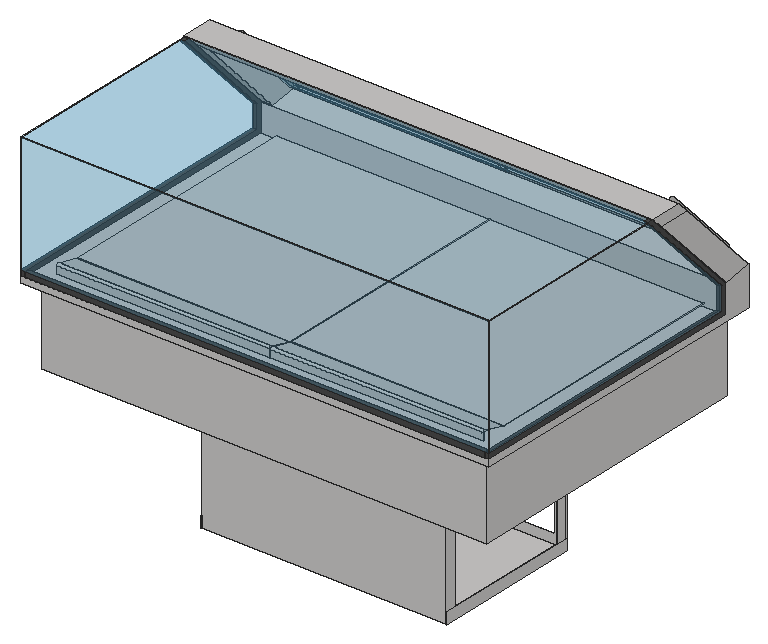
Revit family "QF_FESTIVE_ACDL12", category Specialty Equipment, Revit 2020
Family settings
  Round Connector Dimension = Use Diameter
  Part Type = Normal
  Work Plane-Based = No
  Always vertical = Yes
  Cut with Voids When Loaded = No
  Shared = No
  Room Calculation Point = No
Parameters (values of type "ACDL12")
  Weight in Pounds = 0
  Watts = if(Phase = 3, Volts * FL Amps * 1.73, Volts * FL Amps)  # 880 W
  Volts = 220 V
  URL Cutsheet = ""
  Specification by User = ""
  Specification by Manufacturer = ""
  Serial Number = ""
  Seismic Rating = ""
  SMACNA No = ""
  Revision Code = ""
  Phase = 1
  Number of Poles = 1
  NAFEM Spec ID Number = ""
  Model = "ACDL12"
  Min Ckt Ampacity = 0 A
  Max Overcurrent Protection = 0 A
  Masterspec = ""
  Manufacturer = "FESTIVE"
  Length = 1200 mm
  Item Number = ""
  Installed By = ""
  Identify Quantity as Lot = yes
  Height = 335 mm
  HP = ""
  Glass 2 = Length > 1769 mm  # no
  Glass 1 = Length < 1769 mm  # yes
  Furnished By = ""
  Foodservice Equipment Identifier = yes
  FL Amps = 4 A
  Electrical Remarks = ""
  Electric Connection Type = ""
  Elec Conn RI Height = 0 mm
  Elec Conn Connection Height = 0 mm
  Description = "AVON LO: CHILLED DROP-IN"
  Depth = 830 mm
  Default Elevation = 0 mm
  Cycle = 50 Hz
  Cradle 2 [instance] = Length > 901 mm  # yes
  Cradle 1 = Length < 901 mm  # no
  Conn Plug = ""
  Conn Conduit = yes
  Center Post = Length > 1769 mm  # no
  CSI MasterFormat = ""
  Apparent Power = if(Phase = 3, Volts * FL Amps * 1.73, Volts * FL Amps)  # 880 VA
Reference planes
  plane 1 "BACK": y = 0
  plane 2: z = 0
  plane 3 "LEFT": x = 0
  plane 4 "RIGHT": x = 1200
  plane 5 "FRONT": y = -830
  plane 6 "TOP": z = 335
  plane 7 "Center Y": x = 600
  plane 8 "Center X": y = -415
  plane 9: z = 100
  plane 10: x = 1189
  plane 11: z = -520
  plane 12: z = -560
Forms (mm)
  Extrusion 1, solid, material "QF_Metal - Stainless - Satin", visible <- "Cradle 2", not visible
    sketch origin (900, -213.4, -387.009) x (0, 0, 1) y (1, 0, 0)
      loop
        line (387.009, -137.4) -> (27.009, -137.4) -> (27.009, -762.6) -> (387.009, -762.6) -> (387.009, -137.4)
      loop
        line (55, -734.4) -> (365.009, -734.4) -> (365.009, -164.4) -> (55, -164.4) -> (55, -734.4)
    from 0 to -2
  Extrusion 2, solid, material "QF_Metal - Stainless - Satin", visible <- "Cradle 2", not visible
    sketch origin (141.4, 0, 0) x (0, 1, 0) y (0, 0, 1)
      loop
        line (-215.4, 0) -> (-240, 0) -> (-240, -360) -> (-215.4, -360) -> (-215.4, 0)
    from -4 to -1.6
  Extrusion 3, solid, material "QF_Metal - Stainless - Satin", visible <- "Cradle 2", not visible
    sketch origin (900, 0, 0) x (0, -1, 0) y (0, 0, 1)
      loop
        line (215.4, 0) -> (215.4, -360) -> (240, -360) -> (240, 0) -> (215.4, 0)
    from 139.796 to 137.4
  Extrusion 4, solid, material "QF_Metal - Stainless - Satin", visible <- "Cradle 2", not visible
    sketch origin (0, 0, 0) x (0, 1, 0) y (0, 0, 1)
      loop
        line (-52, 0) -> (-213.4, 0) -> (-213.4, -122) -> (-52, -122) -> (-52, 0)
    from 239 to 660
  Extrusion 5, solid, material "QF_Metal - Stainless - Satin", visible <- "Cradle 2", not visible
    sketch origin (0, -50.8, 53.113) x (0, 0, -1) y (-1, 0, 0)
      loop
        line (55.113, -660) -> (175.113, -660) -> (175.113, -239) -> (55.113, -239) -> (55.113, -660)
    from 0 to 2
  Extrusion 6, solid, material "QF_Plastic - Black - Smooth", visible <- "Cradle 2", not visible
    sketch origin (14, -48.8, 53.113) x (0, 0, -1) y (-1, 0, 0)
      loop
        line (147.213, -308.95) -> (147.213, -294.95) -> (115.213, -294.95) -> (115.213, -308.95) -> (147.213, -308.95)
      loop
        line (147.213, -278.75) -> (147.213, -264.75) -> (115.213, -264.75) -> (115.213, -278.75) -> (147.213, -278.75)
      loop
        line (145.213, -306.95) -> (145.213, -296.95) -> (117.213, -296.95) -> (117.213, -306.95) -> (145.213, -306.95)
      loop
        line (145.213, -276.75) -> (145.213, -266.75) -> (117.213, -266.75) -> (117.213, -276.75) -> (145.213, -276.75)
      loop
        arc (112.863, -404.2) -> (131.113, -408.012) -> (149.363, -404.2) r 45.59
        line (149.363, -404.2) -> (149.363, -330.2)
        arc (149.363, -330.2) -> (131.113, -326.725) -> (112.863, -330.2) r 49.66
        line (112.863, -330.2) -> (112.863, -404.2)
    from 0 to 3
  Extrusion 7, solid, material "QF_Plastic - Red - Smooth", visible <- "Cradle 2", not visible
    sketch origin (290.75, -48.8, -92.1) x (0, 0, 1) y (0, 1, 0)
      loop
        line (0, 7.232) -> (0, 0) -> (28, 0) -> (28, 4.784)
        arc (28, 4.784) -> (13.954, 5.478) -> (0, 7.232) r 185.903
    from 0 to 10
  Extrusion 8, solid, material "QF_Plastic - Red - Smooth", visible <- "Cradle 2", not visible
    sketch origin (290.75, -48.8, -92.1) x (0, 0, 1) y (0, 1, 0)
      loop
        line (0, 7.232) -> (0, 0) -> (28, 0) -> (28, 4.784)
        arc (28, 4.784) -> (13.954, 5.478) -> (0, 7.232) r 185.903
    from -30.2 to -20.2
  Extrusion 9, solid, material "QF_Metal - Stainless - Satin", visible <- "Cradle 2", not visible
    sketch origin (0, -1.8, 0) x (0, 1, 0) y (0, 0, 1)
      loop
        line (-570, 0) -> (-596.6, 0) -> (-596.6, -360) -> (-570, -360) -> (-570, 0)
    from 137.4 to 762.6
  Extrusion 10, void, not visible
    sketch origin (137.4, 0, 0) x (0, 1, 0) y (0, 0, 1)
      loop
        circle (-289.925, -281.443) r 8.149
    from 0 to 3.2
  Extrusion 11, solid, material "QF_Metal - Stainless - Satin"
    sketch origin (0, 0, -200) x (0, 1, 0) y (0, 0, 1)
      loop
        line (0, 200) -> (0, 300) -> (-75.2, 287.871) -> (-75.2, 217) -> (-830, 217) -> (-830, 200) -> (0, 200)
    from 0 to 1200
  Extrusion 12, solid, material "QF_Plastic - Black - Smooth"
    sketch origin (0, 0, -200) x (0, 1, 0) y (0, 0, 1)
      loop
        line (-830, 217) -> (-818, 217) -> (-818, 229) -> (-830, 229) -> (-830, 217)
    from 11 to 1189
  Extrusion 13, solid, material "QF_Metal - Stainless - Satin"
    sketch origin (900, 0, -200) x (0, 1, 0) y (0, 0, -1)
      loop
        line (-715.062, -224.6) -> (-75.2, -224.6) -> (-75.2, -223.6) -> (-715.33, -223.6) -> (-715.062, -224.6)
      loop
        line (-780, -217) -> (-780, -235.604)
        arc (-780, -235.604) -> (-778.032, -239.534) -> (-773.706, -240.312) r 4.908
        line (-773.706, -240.312) -> (-773.965, -239.347)
        arc (-773.965, -239.347) -> (-777.439, -238.63) -> (-779, -235.445) r 4.03
        line (-779, -235.445) -> (-779, -217) -> (-780, -217)
    from -246 to 298
  Extrusion 14, solid, material "Glass"
    sketch origin (0, 0, -200) x (0, -1, 0) y (0, 0, 1)
      loop
        line (828, 533) -> (303.463, 533) -> (301.574, 531) -> (826, 531) -> (826, 217) -> (828, 217) -> (828, 533)
    from 0 to -1200
  Extrusion 15, solid, material "QF_Metal - Stainless - Satin"
    sketch origin (449, -425, -200) x (1, 0, 0) y (0, 1, 0)
      loop
        line (-419, -375) -> (721, -375) -> (721, 395) -> (-419, 395) -> (-419, -375)
    from 0 to -200
  Extrusion 16, solid, material "QF_Metal - Stainless - Satin"
    sketch origin (0, 65.025, -271.149) x (0, 0.985557, 0.169345) y (0, -0.169345, 0.985557)
      loop
        line (-76.81, 381.021) -> (-77.401, 377.581) -> (-1.233, 376.8) -> (-159.726, 615.174) -> (-241.884, 629.29) -> (-76.81, 381.021)
    from 0 to 40
  Extrusion 17, solid, material "QF_Metal - Stainless - Satin"
    sketch origin (40, 65.025, -271.149) x (0, 0.985557, 0.169345) y (0, -0.169345, 0.985557)
      loop
        line (-159.726, 615.174) -> (-180.222, 645.999) -> (-262.379, 660.116) -> (-241.884, 629.29) -> (-159.726, 615.174)
    from -40 to 1160
  Extrusion 18, solid, material "QF_Metal - Stainless - Satin"
    sketch origin (0, 0, -188) x (0, 1, 0) y (0, 0, 1)
      loop
        line (-780, 205) -> (-779, 205) -> (-779, 223.445)
        arc (-779, 223.445) -> (-777.439, 226.63) -> (-773.965, 227.347) r 4.03
        line (-773.965, 227.347) -> (-773.706, 228.312)
        arc (-773.706, 228.312) -> (-778.032, 227.534) -> (-780, 223.604) r 4.908
        line (-780, 223.604) -> (-780, 205)
      loop
        line (-715.062, 212.6) -> (-715.33, 211.6) -> (-75.2, 211.6) -> (-75.2, 212.6) -> (-715.062, 212.6)
    from 54 to 598
  Extrusion 19, solid, material "QF_Metal - Stainless - Satin"
    sketch origin (0, -79.381, -365.812) x (1, 0, 0) y (0, 0.965932, -0.258796)
      loop
        line (598, -715.062) -> (54, -715.062) -> (54, -773.706) -> (598, -773.706) -> (598, -715.062)
      loop
        line (602, -715.062) -> (602, -773.706) -> (1146, -773.706) -> (1146, -715.062) -> (602, -715.062)
    from 211.6 to 212.6
  Extrusion 20, solid, material "QF_Metal - Stainless - Satin"
    sketch origin (40, -216.994, 329.71) x (0, -0.6867, 0.726941) y (1, 0, 0)
      loop
        line (-300.996, 0) -> (-300.996, 1120) -> (-315.996, 1120) -> (-315.996, 0) -> (-300.996, 0)
    from 0 to -5
  Extrusion 21, solid, material "QF_Plastic - Black - Smooth"
    sketch origin (0, 0, -200) x (0, 1, 0) y (0, 0, 1)
      loop
        line (-86, 287.066) -> (-86, 229) -> (-830, 229) -> (-830, 217) -> (-75.2, 217) -> (-75.2, 291.361) -> (-303.463, 533) -> (-318.32, 533) -> (-86, 287.066)
    from 0 to 11
  Extrusion 22, solid, material "QF_Metal - Stainless - Satin"
    sketch origin (0, 65.025, -271.149) x (0, 0.985557, 0.169345) y (0, -0.169345, 0.985557)
      loop
        line (-76.81, 381.021) -> (-77.401, 377.581) -> (-1.233, 376.8) -> (-159.726, 615.174) -> (-241.884, 629.29) -> (-76.81, 381.021)
    from 0 to 40
  Extrusion 23, solid, material "QF_Plastic - Black - Smooth"
    sketch origin (1200, 0, 0) x (0, -1, 0) y (0, 0, 1)
      loop
        line (86, 87.066) -> (320.209, 335) -> (305.352, 335) -> (75.2, 91.361) -> (75.2, 17) -> (830, 17) -> (830, 29) -> (86, 29) -> (86, 87.066)
    from 0 to 11
  Extrusion 24, solid, material "QF_Metal - Stainless - Satin"
    sketch origin (1200, 0, 0) x (0, -1, 0) y (0, 0, 1)
      loop
        line (75.2, 91.361) -> (279.932, 308.09) -> (196.571, 308.09) -> (0, 100) -> (75.2, 87.871) -> (75.2, 91.361)
    from 0 to 40
  Extrusion 25, solid, material "QF_Metal - Stainless - Satin", visible <- "Cradle 2"
    sketch origin (1049.4, -222.5, -587.009) x (0, 0, 1) y (1, 0, 0)
      loop
        line (387.009, -137.4) -> (27.009, -137.4) -> (27.009, -762.6) -> (387.009, -762.6) -> (387.009, -137.4)
      loop
        line (55, -734.4) -> (365.009, -734.4) -> (365.009, -164.4) -> (55, -164.4) -> (55, -734.4)
    from 0 to -2
  Extrusion 26, solid, material "QF_Metal - Stainless - Satin", visible <- "Cradle 2"
    sketch origin (290.8, -9.1, -200) x (0, 1, 0) y (0, 0, 1)
      loop
        line (-215.4, 0) -> (-240, 0) -> (-240, -360) -> (-215.4, -360) -> (-215.4, 0)
    from -4 to -1.6
  Extrusion 27, solid, material "QF_Metal - Stainless - Satin", visible <- "Cradle 2"
    sketch origin (1049.4, -9.1, -200) x (0, -1, 0) y (0, 0, 1)
      loop
        line (215.4, 0) -> (215.4, -360) -> (240, -360) -> (240, 0) -> (215.4, 0)
    from 139.796 to 137.4
  Extrusion 28, solid, material "QF_Metal - Stainless - Satin", visible <- "Cradle 2"
    sketch origin (149.4, -9.1, -200) x (0, 1, 0) y (0, 0, 1)
      loop
        line (-52, 0) -> (-213.4, 0) -> (-213.4, -122) -> (-52, -122) -> (-52, 0)
    from 239 to 660
  Extrusion 29, solid, material "QF_Metal - Stainless - Satin", visible <- "Cradle 2"
    sketch origin (149.4, -59.9, -146.887) x (0, 0, -1) y (-1, 0, 0)
      loop
        line (55.113, -660) -> (175.113, -660) -> (175.113, -239) -> (55.113, -239) -> (55.113, -660)
    from 0 to 2
  Extrusion 30, solid, material "QF_Plastic - Black - Smooth", visible <- "Cradle 2"
    sketch origin (163.4, -57.9, -146.887) x (0, 0, -1) y (-1, 0, 0)
      loop
        line (147.213, -308.95) -> (147.213, -294.95) -> (115.213, -294.95) -> (115.213, -308.95) -> (147.213, -308.95)
      loop
        line (147.213, -278.75) -> (147.213, -264.75) -> (115.213, -264.75) -> (115.213, -278.75) -> (147.213, -278.75)
      loop
        line (145.213, -306.95) -> (145.213, -296.95) -> (117.213, -296.95) -> (117.213, -306.95) -> (145.213, -306.95)
      loop
        line (145.213, -276.75) -> (145.213, -266.75) -> (117.213, -266.75) -> (117.213, -276.75) -> (145.213, -276.75)
      loop
        arc (112.863, -404.2) -> (131.113, -408.012) -> (149.363, -404.2) r 45.59
        line (149.363, -404.2) -> (149.363, -330.2)
        arc (149.363, -330.2) -> (131.113, -326.725) -> (112.863, -330.2) r 49.66
        line (112.863, -330.2) -> (112.863, -404.2)
    from 0 to 3
  Extrusion 31, solid, material "QF_Plastic - Red - Smooth", visible <- "Cradle 2"
    sketch origin (440.15, -57.9, -292.1) x (0, 0, 1) y (0, 1, 0)
      loop
        line (0, 7.232) -> (0, 0) -> (28, 0) -> (28, 4.784)
        arc (28, 4.784) -> (13.954, 5.478) -> (0, 7.232) r 185.903
    from 0 to 10
  Extrusion 32, solid, material "QF_Plastic - Red - Smooth", visible <- "Cradle 2"
    sketch origin (440.15, -57.9, -292.1) x (0, 0, 1) y (0, 1, 0)
      loop
        line (0, 7.232) -> (0, 0) -> (28, 0) -> (28, 4.784)
        arc (28, 4.784) -> (13.954, 5.478) -> (0, 7.232) r 185.903
    from -30.2 to -20.2
  Extrusion 33, solid, material "QF_Metal - Stainless - Satin", visible <- "Cradle 2"
    sketch origin (149.4, -10.9, -200) x (0, 1, 0) y (0, 0, 1)
      loop
        line (-570, 0) -> (-596.6, 0) -> (-596.6, -360) -> (-570, -360) -> (-570, 0)
    from 137.4 to 762.6
  Extrusion 34, void
    sketch origin (286.8, -9.1, -200) x (0, 1, 0) y (0, 0, 1)
      loop
        circle (-289.925, -281.443) r 8.149
    from 0 to 3.2
  Extrusion 35, solid, material "QF_Metal - Stainless - Satin"
    sketch origin (325, -200.206, 304.657) x (0, -0.6867, 0.726941) y (1, 0, 0)
      loop
        line (0, -285) -> (0, -265) -> (-271.255, -265) -> (-271.255, -285) -> (0, -285)
    from 0 to 3.2
  Extrusion 36, solid, material "QF_Metal - Stainless - Satin"
    sketch origin (60, -13.935, 107.471) x (0, -0.6867, 0.726941) y (0, -0.726941, -0.6867)
      loop
        line (271.255, -3.2) -> (0, -3.2) -> (0, -8.2)
        arc (0, -8.2) -> (2.929, -15.271) -> (10, -18.2) r 10
        line (10, -18.2) -> (261.255, -18.2)
        arc (261.255, -18.2) -> (268.326, -15.271) -> (271.255, -8.2) r 10
        line (271.255, -8.2) -> (271.255, -3.2)
    from -9 to -11
  Extrusion 37, solid, material "QF_Metal - Stainless - Satin"
    sketch origin (875, -196.571, 308.09) x (0, -0.6867, 0.726941) y (1, 0, 0)
      loop
        line (0, 285) -> (-271.255, 285) -> (-271.255, 265) -> (0, 265) -> (0, 285)
    from 0 to 3.2
  Extrusion 38, solid, material "QF_Metal - Stainless - Satin"
    sketch origin (1140, -10.301, 110.904) x (0, -0.6867, 0.726941) y (0, 0.726941, 0.6867)
      loop
        line (271.255, 3.2) -> (271.255, 8.2)
        arc (271.255, 8.2) -> (268.326, 15.271) -> (261.255, 18.2) r 10
        line (261.255, 18.2) -> (10, 18.2)
        arc (10, 18.2) -> (2.929, 15.271) -> (0, 8.2) r 10
        line (0, 8.2) -> (0, 3.2) -> (271.255, 3.2)
    from -9 to -11
  Extrusion 39, solid, material "QF_Metal - Stainless - Satin", visible <- "Center Post"
    sketch origin (600, 175.397, 1219.2) x (0, 1, 0) y (0, 0, 1)
      loop
        line (-371.969, -911.11) -> (-470.186, -911.11) -> (-260.629, -1132.947) -> (-175.397, -1119.2) -> (-371.969, -911.11)
    from -20 to 20
  Extrusion 40, solid, material "QF_Metal - Stainless - Satin", visible <- "Cradle 2"
    sketch origin (149.4, -607.571, -560) x (1, 0, 0) y (0, -1, 0)
      loop
        line (762.6, -28.471) -> (137.4, -28.471) -> (137.4, -383.071) -> (762.6, -383.071) -> (762.6, -28.471)
    from 0 to -5
  Extrusion 41, solid, material "QF_Metal - Stainless - Satin", visible <- "Cradle 2"
    sketch origin (1049.4, -9.1, -160) x (0, -1, 0) y (0, 0, 1)
      loop
        line (213.4, -372.009) -> (213.4, -400) -> (598.4, -400) -> (598.4, -372.009) -> (213.4, -372.009)
    from 137.4 to 135
  Extrusion 42, solid, material "QF_Metal - Stainless - Satin", visible <- "Cradle 2"
    sketch origin (149.4, -9.1, -160) x (0, 1, 0) y (0, 0, 1)
      loop
        line (-213.4, -372.009) -> (-598.4, -372.009) -> (-598.4, -400) -> (-213.4, -400) -> (-213.4, -372.009)
    from 135 to 137.4
  Extrusion 43, solid, material "QF_Metal - Stainless - Satin", visible <- "Cradle 2", not visible
    sketch origin (0, -598.471, -360) x (1, 0, 0) y (0, -1, 0)
      loop
        line (762.6, -28.471) -> (137.4, -28.471) -> (137.4, -383.071) -> (762.6, -383.071) -> (762.6, -28.471)
    from 0 to -5
  Extrusion 44, solid, material "QF_Metal - Stainless - Satin", visible <- "Cradle 2", not visible
    sketch origin (900, 0, 40) x (0, -1, 0) y (0, 0, 1)
      loop
        line (213.4, -372.009) -> (213.4, -400) -> (598.4, -400) -> (598.4, -372.009) -> (213.4, -372.009)
    from 137.4 to 135
  Extrusion 45, solid, material "QF_Metal - Stainless - Satin", visible <- "Cradle 2", not visible
    sketch origin (0, 0, 40) x (0, 1, 0) y (0, 0, 1)
      loop
        line (-213.4, -372.009) -> (-598.4, -372.009) -> (-598.4, -400) -> (-213.4, -400) -> (-213.4, -372.009)
    from 135 to 137.4
  Extrusion 46, solid, material "QF_Metal - Stainless - Satin", visible <- "Cradle 1", not visible
    sketch origin (2199.4, -222.5, -587.009) x (0, 0, 1) y (1, 0, 0)
      loop
        line (387.009, -137.4) -> (67.009, -137.4) -> (67.009, -762.6) -> (387.009, -762.6) -> (387.009, -137.4)
      loop
        line (365.009, -734.4) -> (365.009, -164.4) -> (95, -164.4) -> (95, -734.4) -> (365.009, -734.4)
    from 0 to -2
  Extrusion 47, solid, material "QF_Metal - Stainless - Satin", visible <- "Cradle 1", not visible
    sketch origin (1440.8, -9.1, -200) x (0, 1, 0) y (0, 0, 1)
      loop
        line (-215.4, 0) -> (-240, 0) -> (-240, -320) -> (-215.4, -320) -> (-215.4, 0)
    from -4 to -1.6
  Extrusion 48, solid, material "QF_Metal - Stainless - Satin", visible <- "Cradle 1", not visible
    sketch origin (2199.4, -9.1, -200) x (0, -1, 0) y (0, 0, 1)
      loop
        line (215.4, 0) -> (215.4, -320) -> (240, -320) -> (240, 0) -> (215.4, 0)
    from 139.796 to 137.4
  Extrusion 49, solid, material "QF_Metal - Stainless - Satin", visible <- "Cradle 1", not visible
    sketch origin (1299.4, -9.1, -200) x (0, 1, 0) y (0, 0, 1)
      loop
        line (-52, 0) -> (-213.4, 0) -> (-213.4, -122) -> (-52, -122) -> (-52, 0)
    from 239 to 660
  Extrusion 50, solid, material "QF_Metal - Stainless - Satin", visible <- "Cradle 1", not visible
    sketch origin (1299.4, -59.9, -146.887) x (0, 0, -1) y (-1, 0, 0)
      loop
        line (55.113, -660) -> (175.113, -660) -> (175.113, -239) -> (55.113, -239) -> (55.113, -660)
    from 0 to 2
  Extrusion 51, solid, material "QF_Plastic - Black - Smooth", visible <- "Cradle 1", not visible
    sketch origin (1313.4, -57.9, -146.887) x (0, 0, -1) y (-1, 0, 0)
      loop
        line (147.213, -308.95) -> (147.213, -294.95) -> (115.213, -294.95) -> (115.213, -308.95) -> (147.213, -308.95)
      loop
        line (147.213, -278.75) -> (147.213, -264.75) -> (115.213, -264.75) -> (115.213, -278.75) -> (147.213, -278.75)
      loop
        line (145.213, -306.95) -> (145.213, -296.95) -> (117.213, -296.95) -> (117.213, -306.95) -> (145.213, -306.95)
      loop
        line (145.213, -276.75) -> (145.213, -266.75) -> (117.213, -266.75) -> (117.213, -276.75) -> (145.213, -276.75)
      loop
        arc (112.863, -404.2) -> (131.113, -408.012) -> (149.363, -404.2) r 45.59
        line (149.363, -404.2) -> (149.363, -330.2)
        arc (149.363, -330.2) -> (131.113, -326.725) -> (112.863, -330.2) r 49.66
        line (112.863, -330.2) -> (112.863, -404.2)
    from 0 to 3
  Extrusion 52, solid, material "QF_Plastic - Red - Smooth", visible <- "Cradle 1", not visible
    sketch origin (1590.15, -57.9, -292.1) x (0, 0, 1) y (0, 1, 0)
      loop
        line (0, 7.232) -> (0, 0) -> (28, 0) -> (28, 4.784)
        arc (28, 4.784) -> (13.954, 5.478) -> (0, 7.232) r 185.903
    from 0 to 10
  Extrusion 53, solid, material "QF_Plastic - Red - Smooth", visible <- "Cradle 1", not visible
    sketch origin (1590.15, -57.9, -292.1) x (0, 0, 1) y (0, 1, 0)
      loop
        line (0, 7.232) -> (0, 0) -> (28, 0) -> (28, 4.784)
        arc (28, 4.784) -> (13.954, 5.478) -> (0, 7.232) r 185.903
    from -30.2 to -20.2
  Extrusion 54, solid, material "QF_Metal - Stainless - Satin", visible <- "Cradle 1", not visible
    sketch origin (1299.4, -10.9, -200) x (0, 1, 0) y (0, 0, 1)
      loop
        line (-570, 0) -> (-596.6, 0) -> (-596.6, -320) -> (-570, -320) -> (-570, 0)
    from 137.4 to 762.6
  Extrusion 55, solid, material "QF_Metal - Stainless - Satin", visible <- "Cradle 1", not visible
    sketch origin (1299.4, -607.571, -520) x (1, 0, 0) y (0, -1, 0)
      loop
        line (762.6, -28.471) -> (137.4, -28.471) -> (137.4, -383.071) -> (762.6, -383.071) -> (762.6, -28.471)
    from 0 to -5
  Extrusion 56, solid, material "QF_Metal - Stainless - Satin", visible <- "Cradle 1", not visible
    sketch origin (2199.4, -9.1, -120) x (0, -1, 0) y (0, 0, 1)
      loop
        line (213.4, -372.009) -> (213.4, -400) -> (598.4, -400) -> (598.4, -372.009) -> (213.4, -372.009)
    from 137.4 to 135
  Extrusion 57, solid, material "QF_Metal - Stainless - Satin", visible <- "Cradle 1", not visible
    sketch origin (1299.4, -9.1, -120) x (0, 1, 0) y (0, 0, 1)
      loop
        line (-213.4, -372.009) -> (-598.4, -372.009) -> (-598.4, -400) -> (-213.4, -400) -> (-213.4, -372.009)
    from 135 to 137.4
  Extrusion 58, solid, material "QF_Metal - Stainless - Satin", visible <- "Cradle 1"
    sketch origin (1049.4, -222.5, -587.009) x (0, 0, 1) y (1, 0, 0)
      loop
        line (387.009, -137.4) -> (67.009, -137.4) -> (67.009, -762.6) -> (387.009, -762.6) -> (387.009, -137.4)
      loop
        line (365.009, -734.4) -> (365.009, -164.4) -> (95, -164.4) -> (95, -734.4) -> (365.009, -734.4)
    from 0 to -2
  Extrusion 59, solid, material "QF_Metal - Stainless - Satin", visible <- "Cradle 1"
    sketch origin (290.8, -9.1, -200) x (0, 1, 0) y (0, 0, 1)
      loop
        line (-215.4, 0) -> (-240, 0) -> (-240, -320) -> (-215.4, -320) -> (-215.4, 0)
    from -4 to -1.6
  Extrusion 60, solid, material "QF_Metal - Stainless - Satin", visible <- "Cradle 1"
    sketch origin (1049.4, -9.1, -200) x (0, -1, 0) y (0, 0, 1)
      loop
        line (215.4, 0) -> (215.4, -320) -> (240, -320) -> (240, 0) -> (215.4, 0)
    from 139.796 to 137.4
  Extrusion 61, solid, material "QF_Metal - Stainless - Satin", visible <- "Cradle 1"
    sketch origin (149.4, -9.1, -200) x (0, 1, 0) y (0, 0, 1)
      loop
        line (-52, 0) -> (-213.4, 0) -> (-213.4, -122) -> (-52, -122) -> (-52, 0)
    from 239 to 660
  Extrusion 62, solid, material "QF_Metal - Stainless - Satin", visible <- "Cradle 1"
    sketch origin (149.4, -59.9, -146.887) x (0, 0, -1) y (-1, 0, 0)
      loop
        line (55.113, -660) -> (175.113, -660) -> (175.113, -239) -> (55.113, -239) -> (55.113, -660)
    from 0 to 2
  Extrusion 63, solid, material "QF_Plastic - Black - Smooth", visible <- "Cradle 1"
    sketch origin (163.4, -57.9, -146.887) x (0, 0, -1) y (-1, 0, 0)
      loop
        line (147.213, -308.95) -> (147.213, -294.95) -> (115.213, -294.95) -> (115.213, -308.95) -> (147.213, -308.95)
      loop
        line (147.213, -278.75) -> (147.213, -264.75) -> (115.213, -264.75) -> (115.213, -278.75) -> (147.213, -278.75)
      loop
        line (145.213, -306.95) -> (145.213, -296.95) -> (117.213, -296.95) -> (117.213, -306.95) -> (145.213, -306.95)
      loop
        line (145.213, -276.75) -> (145.213, -266.75) -> (117.213, -266.75) -> (117.213, -276.75) -> (145.213, -276.75)
      loop
        arc (112.863, -404.2) -> (131.113, -408.012) -> (149.363, -404.2) r 45.59
        line (149.363, -404.2) -> (149.363, -330.2)
        arc (149.363, -330.2) -> (131.113, -326.725) -> (112.863, -330.2) r 49.66
        line (112.863, -330.2) -> (112.863, -404.2)
    from 0 to 3
  Extrusion 64, solid, material "QF_Plastic - Red - Smooth", visible <- "Cradle 1"
    sketch origin (440.15, -57.9, -292.1) x (0, 0, 1) y (0, 1, 0)
      loop
        line (0, 7.232) -> (0, 0) -> (28, 0) -> (28, 4.784)
        arc (28, 4.784) -> (13.954, 5.478) -> (0, 7.232) r 185.903
    from 0 to 10
  Extrusion 65, solid, material "QF_Plastic - Red - Smooth", visible <- "Cradle 1"
    sketch origin (440.15, -57.9, -292.1) x (0, 0, 1) y (0, 1, 0)
      loop
        line (0, 7.232) -> (0, 0) -> (28, 0) -> (28, 4.784)
        arc (28, 4.784) -> (13.954, 5.478) -> (0, 7.232) r 185.903
    from -30.2 to -20.2
  Extrusion 66, solid, material "QF_Metal - Stainless - Satin", visible <- "Cradle 1"
    sketch origin (149.4, -10.9, -200) x (0, 1, 0) y (0, 0, 1)
      loop
        line (-570, 0) -> (-596.6, 0) -> (-596.6, -320) -> (-570, -320) -> (-570, 0)
    from 137.4 to 762.6
  Extrusion 67, solid, material "QF_Metal - Stainless - Satin", visible <- "Cradle 1"
    sketch origin (149.4, -607.571, -520) x (1, 0, 0) y (0, -1, 0)
      loop
        line (762.6, -28.471) -> (137.4, -28.471) -> (137.4, -383.071) -> (762.6, -383.071) -> (762.6, -28.471)
    from 0 to -5
  Extrusion 68, solid, material "QF_Metal - Stainless - Satin", visible <- "Cradle 1"
    sketch origin (1049.4, -9.1, -120) x (0, -1, 0) y (0, 0, 1)
      loop
        line (213.4, -372.009) -> (213.4, -400) -> (598.4, -400) -> (598.4, -372.009) -> (213.4, -372.009)
    from 137.4 to 135
  Extrusion 69, solid, material "QF_Metal - Stainless - Satin", visible <- "Cradle 1"
    sketch origin (149.4, -9.1, -120) x (0, 1, 0) y (0, 0, 1)
      loop
        line (-213.4, -372.009) -> (-598.4, -372.009) -> (-598.4, -400) -> (-213.4, -400) -> (-213.4, -372.009)
    from 135 to 137.4
  Extrusion 70, solid, material "Glass"
    sketch origin (1200, 0, 0) x (0, -1, 0) y (0, 0, 1)
      loop
        line (318.32, 333) -> (86, 87.066) -> (86, 29) -> (828, 29) -> (828, 333) -> (318.32, 333)
    from 0 to 3
  Extrusion 71, solid, material "Glass"
    sketch origin (0, 0, -200) x (0, 1, 0) y (0, 0, 1)
      loop
        line (-318.32, 533) -> (-828, 533) -> (-828, 217) -> (-86, 217) -> (-86, 287.066) -> (-318.32, 533)
    from 0 to 3
  Extrusion 72, solid, material "Glass", visible <- "Glass 1"
    sketch origin (325, -196.571, 308.09) x (0, -0.6867, 0.726941) y (1, 0, 0)
      loop
        line (0, 275) -> (-271.255, 275) -> (-271.255, -285) -> (0, -285) -> (0, 275)
    from -5 to -10
  Extrusion 73, solid, material "Glass", visible <- "Glass 1"
    sketch origin (875, -196.571, 308.09) x (0, -0.6867, 0.726941) y (1, 0, 0)
      loop
        line (0, -275) -> (0, 285) -> (-271.255, 285) -> (-271.255, -275) -> (0, -275)
    from 0 to -5
  Extrusion 74, solid, material "Glass", visible <- "Glass 2"
    sketch origin (40, 65.025, -271.149) x (0, 0.985557, 0.169345) y (0, -0.169345, 0.985557)
      loop
        line (-13.702, 386.523) -> (-163.89, 612.405) -> (-168.054, 609.637) -> (-17.866, 383.755) -> (-13.702, 386.523)
    from 0 to 540
  Extrusion 75, solid, material "Glass", visible <- "Glass 2"
    sketch origin (1160, 0, 0) x (0, -1, 0) y (0, 0, 1)
      loop
        line (196.571, 308.09) -> (10.301, 110.904) -> (13.935, 107.471) -> (200.206, 304.657) -> (196.571, 308.09)
    from 0 to 540
Lines and regions (mm)
  Split face 1, not visible
    outline origin (14, -45.8, 53.113) x (0, 0, -1) y (-1, 0, 0)
      loop
        line (116.213, -355.957) -> (116.213, -395.454)
        arc (116.213, -395.454) -> (131.213, -398.842) -> (146.213, -395.454) r 34.9
        line (146.213, -395.454) -> (146.213, -355.957) -> (116.213, -355.957)
  Split face 2
    outline origin (163.4, -54.9, -146.887) x (0, 0, -1) y (-1, 0, 0)
      loop
        line (116.213, -355.957) -> (116.213, -395.454)
        arc (116.213, -395.454) -> (131.213, -398.842) -> (146.213, -395.454) r 34.9
        line (146.213, -395.454) -> (146.213, -355.957) -> (116.213, -355.957)
  Split face 3, not visible
    outline origin (1313.4, -54.9, -146.887) x (0, 0, -1) y (-1, 0, 0)
      loop
        line (116.213, -355.957) -> (116.213, -395.454)
        arc (116.213, -395.454) -> (131.213, -398.842) -> (146.213, -395.454) r 34.9
        line (146.213, -395.454) -> (146.213, -355.957) -> (116.213, -355.957)
  Split face 4
    outline origin (163.4, -54.9, -146.887) x (0, 0, -1) y (-1, 0, 0)
      loop
        line (116.213, -355.957) -> (116.213, -395.454)
        arc (116.213, -395.454) -> (131.213, -398.842) -> (146.213, -395.454) r 34.9
        line (146.213, -395.454) -> (146.213, -355.957) -> (116.213, -355.957)
  symbolic lines
    curve 1: line (54, -780, 0) -> (54, -305.352, 0)
    curve 2: line (54, -780, 0) -> (1146, -780, 0)
    curve 3: line (1146, -780, 0) -> (1146, -305.352, 0)
    curve 4: line (54, -715.33, 0) -> (598, -715.33, 0)
    curve 5: line (598, -780, 0) -> (598, -305.352, 0)
    curve 6: line (602, -780, 0) -> (602, -305.352, 0)
    curve 7: line (0, -305.352, 0) -> (1200, -305.352, 0)
    curve 8: line (0, -221.991, 0) -> (1200, -221.991, 0)
    curve 9: line (1200, -196.571, 0) -> (0, -196.571, 0)
    curve 10: line (0, 0, 0) -> (1200, 0, 0)
    curve 11: line (0, -830, 0) -> (0, 0, 0)
    curve 12: line (1200, -830, 0) -> (0, -830, 0)
    curve 13: line (1200, 0, 0) -> (1200, -830, 0)
    curve 14: line (1189, -305.352, 0) -> (1189, -830, 0)
    curve 15: line (11, -305.352, 0) -> (11, -830, 0)
    curve 16: line (40, -196.571, 0) -> (40, 0, 0)
    curve 17: line (1160, -196.571, 0) -> (1160, 0, 0)
    curve 18: line (40, -10.301, 0) -> (1160, -10.301, 0)
    curve 19: line (1146, -715.33, 0) -> (602, -715.33, 0)
    curve 20: line (60, -196.571, 0) -> (60, -10.301, 0)
    curve 21: line (590, -13.935, 0) -> (60, -13.935, 0)
    curve 22: line (590, -10.301, 0) -> (590, -196.571, 0)
    curve 23: line (1140, -10.301, 0) -> (1140, -196.571, 0)
Dimensions and locks
  equal spacing: plane 3 "LEFT", plane 7 "Center Y", plane 4 "RIGHT"
  "Length": plane 3 "LEFT" to plane 4 "RIGHT"
  equal spacing: plane 5 "FRONT", plane 8 "Center X", plane 1 "BACK"
  "Depth": plane 5 "FRONT" to plane 1 "BACK"
  "Height": plane 6 "TOP" to level
  plane 1 "BACK" to plane 5 "FRONT" = 830 mm
  plane 6 "TOP" to plane 9 to level to Extrusion 15 = 235 mm, 100 mm, 200 mm
  plane 1 "BACK" to Extrusion 15 = 30 mm
  Extrusion 15 to plane 5 "FRONT" = 30 mm
  Extrusion 25 to Extrusion 33 = 385 mm
  locked: plane 10 to plane 4 "RIGHT" at 11
  locked: Extrusion 29 to plane 7 "Center Y" at 209.4
  Extrusion 19 sketch curve to plane 7 "Center Y" to Extrusion 19 sketch curve = 2 mm locked, 2 mm locked
  Extrusion 13 to plane 7 "Center Y" to Extrusion 18 = 2 mm locked, 2 mm locked
  locked: Extrusion 13 to plane 4 "RIGHT" at 54
  Extrusion 15 to plane 11 = 320 mm
  Extrusion 15 to plane 12 = 360 mm
  Extrusion 66 to plane 7 "Center Y" to Extrusion 66 = 312 mm locked, 313.2 mm locked
  locked: plane 4 "RIGHT" to Extrusion 14
  plane 7 "Center Y" to Extrusion 73 = 0 mm
  plane 7 "Center Y" to Extrusion 72 = 0 mm
  Extrusion 37 sketch curve to Extrusion 37 sketch curve to plane 4 "RIGHT" = 20 mm locked, 40 mm locked
  aligned and locked: level to plane 2
  aligned and locked: Extrusion 11 to plane 4 "RIGHT"
  aligned and locked: Extrusion 17 to plane 4 "RIGHT"
  aligned and locked: plane 10 to Extrusion 12
  aligned and locked: curve 3 to Extrusion 19
  aligned and locked: Extrusion 14 to plane 4 "RIGHT"
  aligned and locked: plane 7 "Center Y" to Extrusion 72
  aligned and locked: Extrusion 73 to plane 7 "Center Y"
  aligned and locked: Extrusion 74 to Extrusion 39
  aligned and locked: Extrusion 75 to Extrusion 39
Automatic sketch dimensions
  Extrusion 2 sketch curve to Extrusion 2 sketch curve = 24.6 mm
  Extrusion 3 sketch curve to Extrusion 3 sketch curve = 24.6 mm
  Extrusion 4 sketch curve to Extrusion 4 sketch curve = 122 mm
  Extrusion 7 sketch curve to Extrusion 6 = 0 mm  (x3)
  Extrusion 6 to Extrusion 7 sketch curve = 2.15 mm
  Extrusion 7 sketch curve to Extrusion 6 = 1.784 mm
  Extrusion 7 sketch curve to Extrusion 6 = 4.232 mm
  Extrusion 8 sketch curve to Extrusion 6 = 0 mm  (x3)
  Extrusion 6 to Extrusion 8 sketch curve = 2.15 mm
  Extrusion 8 sketch curve to Extrusion 6 = 1.784 mm
  Extrusion 8 sketch curve to Extrusion 6 = 4.232 mm
  Extrusion 9 sketch curve to Extrusion 9 sketch curve = 26.6 mm
  Extrusion 5 sketch curve to Extrusion 5 sketch curve = 120 mm
  Extrusion 6 sketch curve to Extrusion 5 = 57.75 mm
  Extrusion 6 sketch curve to Extrusion 6 sketch curve = 2.35 mm
  Extrusion 6 sketch curve to Extrusion 6 sketch curve = 0 mm  (x3)
  Extrusion 6 sketch curve to Extrusion 6 sketch curve = 2 mm  (x8)
  Extrusion 6 sketch curve to Extrusion 6 sketch curve = 18.25 mm
  Extrusion 6 sketch curve to Extrusion 6 sketch curve = 28 mm
  Extrusion 6 sketch curve to Extrusion 6 sketch curve = 2.15 mm
  Extrusion 6 sketch curve to Extrusion 5 = 179.2 mm
  Extrusion 6 sketch curve to Extrusion 6 sketch curve = 27.816 mm
  Extrusion 6 sketch curve to Extrusion 6 sketch curve = 13.963 mm
  Extrusion 6 sketch curve to Extrusion 6 sketch curve = 32.222 mm
  Extrusion 6 sketch curve to Extrusion 6 sketch curve = 21.25 mm
  Extrusion 6 sketch curve to Extrusion 6 sketch curve = 10 mm  (x2)
  Extrusion 6 sketch curve to Extrusion 6 sketch curve = 16.2 mm
  Split face 1 sketch curve to Extrusion 6 = 1 mm  (x2)
  Extrusion 6 to Split face 1 sketch curve = 86.504 mm
  Split face 1 sketch curve to Split face 1 sketch curve = 31.512 mm
  Split face 1 sketch curve to Split face 1 sketch curve = 7.985 mm
  Split face 1 sketch curve to Split face 1 sketch curve = 15 mm
  Extrusion 10 sketch curve to Extrusion 2 = 49.925 mm
  Extrusion 2 to Extrusion 10 sketch curve = 78.557 mm
  Extrusion 2 sketch curve to Extrusion 2 sketch curve = 360 mm
  Extrusion 3 sketch curve to Extrusion 3 sketch curve = 360 mm
  Extrusion 4 sketch curve to Extrusion 4 sketch curve = 161.4 mm
  Extrusion 5 sketch curve to Extrusion 5 sketch curve = 421 mm
  Extrusion 9 sketch curve to Extrusion 9 sketch curve = 360 mm
  Extrusion 26 sketch curve to Extrusion 26 sketch curve = 24.6 mm
  Extrusion 27 sketch curve to Extrusion 27 sketch curve = 24.6 mm
  Extrusion 28 sketch curve to Extrusion 28 sketch curve = 122 mm
  Extrusion 31 sketch curve to Extrusion 30 = 0 mm  (x3)
  Extrusion 30 to Extrusion 31 sketch curve = 2.15 mm
  Extrusion 31 sketch curve to Extrusion 30 = 1.784 mm
  Extrusion 31 sketch curve to Extrusion 30 = 4.232 mm
  Extrusion 32 sketch curve to Extrusion 30 = 0 mm  (x3)
  Extrusion 30 to Extrusion 32 sketch curve = 2.15 mm
  Extrusion 32 sketch curve to Extrusion 30 = 1.784 mm
  Extrusion 32 sketch curve to Extrusion 30 = 4.232 mm
  Extrusion 33 sketch curve to Extrusion 33 sketch curve = 26.6 mm
  Extrusion 29 sketch curve to Extrusion 29 sketch curve = 120 mm
  Extrusion 30 sketch curve to Extrusion 29 = 57.75 mm
  Extrusion 30 sketch curve to Extrusion 30 sketch curve = 2.35 mm
  Extrusion 30 sketch curve to Extrusion 30 sketch curve = 0 mm  (x3)
  Extrusion 30 sketch curve to Extrusion 30 sketch curve = 2 mm  (x8)
  Extrusion 30 sketch curve to Extrusion 30 sketch curve = 18.25 mm
  Extrusion 30 sketch curve to Extrusion 30 sketch curve = 28 mm
  Extrusion 30 sketch curve to Extrusion 30 sketch curve = 2.15 mm
  Extrusion 30 sketch curve to Extrusion 29 = 179.2 mm
  Extrusion 30 sketch curve to Extrusion 30 sketch curve = 27.816 mm
  Extrusion 30 sketch curve to Extrusion 30 sketch curve = 13.963 mm
  Extrusion 30 sketch curve to Extrusion 30 sketch curve = 32.222 mm
  Extrusion 30 sketch curve to Extrusion 30 sketch curve = 21.25 mm
  Extrusion 30 sketch curve to Extrusion 30 sketch curve = 10 mm  (x2)
  Extrusion 30 sketch curve to Extrusion 30 sketch curve = 16.2 mm
  Split face 2 sketch curve to Extrusion 30 = 1 mm  (x2)
  Extrusion 30 to Split face 2 sketch curve = 86.504 mm
  Split face 2 sketch curve to Split face 2 sketch curve = 31.512 mm
  Split face 2 sketch curve to Split face 2 sketch curve = 7.985 mm
  Split face 2 sketch curve to Split face 2 sketch curve = 15 mm
  Extrusion 34 sketch curve to Extrusion 26 = 49.925 mm
  Extrusion 26 to Extrusion 34 sketch curve = 78.557 mm
  Extrusion 26 sketch curve to Extrusion 26 sketch curve = 360 mm
  Extrusion 27 sketch curve to Extrusion 27 sketch curve = 360 mm
  Extrusion 28 sketch curve to Extrusion 28 sketch curve = 161.4 mm
  Extrusion 29 sketch curve to Extrusion 29 sketch curve = 421 mm
  Extrusion 33 sketch curve to Extrusion 33 sketch curve = 360 mm
  Extrusion 40 sketch curve to Extrusion 40 sketch curve = 625.2 mm
  Extrusion 40 sketch curve to Extrusion 40 sketch curve = 354.6 mm
  Extrusion 25 sketch curve to Extrusion 25 sketch curve = 27.991 mm
  Extrusion 25 sketch curve to Extrusion 25 sketch curve = 310.009 mm
  Extrusion 25 sketch curve to Extrusion 25 sketch curve = 22 mm
  Extrusion 25 sketch curve to Extrusion 25 sketch curve = 28.2 mm
  Extrusion 25 sketch curve to Extrusion 25 sketch curve = 570 mm
  Extrusion 25 sketch curve to Extrusion 25 sketch curve = 27 mm
  Extrusion 41 sketch curve to Extrusion 41 sketch curve = 385 mm
  Extrusion 41 sketch curve to Extrusion 41 sketch curve = 27.991 mm
  Extrusion 42 sketch curve to Extrusion 42 sketch curve = 385 mm
  Extrusion 42 sketch curve to Extrusion 42 sketch curve = 27.991 mm
  Extrusion 1 sketch curve to Extrusion 1 sketch curve = 27.991 mm
  Extrusion 1 sketch curve to Extrusion 1 sketch curve = 310.009 mm
  Extrusion 1 sketch curve to Extrusion 1 sketch curve = 22 mm
  Extrusion 1 sketch curve to Extrusion 1 sketch curve = 28.2 mm
  Extrusion 1 sketch curve to Extrusion 1 sketch curve = 570 mm
  Extrusion 1 sketch curve to Extrusion 1 sketch curve = 27 mm
  Extrusion 47 sketch curve to Extrusion 47 sketch curve = 24.6 mm
  Extrusion 48 sketch curve to Extrusion 48 sketch curve = 24.6 mm
  Extrusion 49 sketch curve to Extrusion 49 sketch curve = 122 mm
  Extrusion 54 sketch curve to Extrusion 54 sketch curve = 26.6 mm
  Extrusion 46 sketch curve to Extrusion 46 sketch curve = 22 mm
  Extrusion 46 sketch curve to Extrusion 46 sketch curve = 28.2 mm
  Extrusion 46 sketch curve to Extrusion 46 sketch curve = 570 mm
  Extrusion 46 sketch curve to Extrusion 46 sketch curve = 27 mm
  Extrusion 50 sketch curve to Extrusion 50 sketch curve = 120 mm
  Extrusion 50 sketch curve to Extrusion 50 sketch curve = 421 mm
  Extrusion 51 sketch curve to Extrusion 50 = 57.75 mm
  Extrusion 51 sketch curve to Extrusion 51 sketch curve = 2.35 mm
  Extrusion 51 sketch curve to Extrusion 51 sketch curve = 0 mm  (x3)
  Extrusion 51 sketch curve to Extrusion 51 sketch curve = 2 mm  (x8)
  Extrusion 51 sketch curve to Extrusion 51 sketch curve = 18.25 mm
  Extrusion 51 sketch curve to Extrusion 51 sketch curve = 28 mm
  Extrusion 51 sketch curve to Extrusion 51 sketch curve = 2.15 mm
  Extrusion 51 sketch curve to Extrusion 50 = 179.2 mm
  Extrusion 51 sketch curve to Extrusion 51 sketch curve = 27.816 mm
  Extrusion 51 sketch curve to Extrusion 51 sketch curve = 13.963 mm
  Extrusion 51 sketch curve to Extrusion 51 sketch curve = 32.222 mm
  Extrusion 51 sketch curve to Extrusion 51 sketch curve = 21.25 mm
  Extrusion 51 sketch curve to Extrusion 51 sketch curve = 10 mm  (x2)
  Extrusion 51 sketch curve to Extrusion 51 sketch curve = 16.2 mm
  Extrusion 52 sketch curve to Extrusion 51 = 0 mm  (x3)
  Extrusion 51 to Extrusion 52 sketch curve = 2.15 mm
  Extrusion 52 sketch curve to Extrusion 51 = 1.784 mm
  Extrusion 52 sketch curve to Extrusion 51 = 4.232 mm
  Extrusion 53 sketch curve to Extrusion 51 = 0 mm  (x3)
  Extrusion 51 to Extrusion 53 sketch curve = 2.15 mm
  Extrusion 53 sketch curve to Extrusion 51 = 1.784 mm
  Extrusion 53 sketch curve to Extrusion 51 = 4.232 mm
  Split face 3 sketch curve to Extrusion 51 = 1 mm  (x2)
  Extrusion 51 to Split face 3 sketch curve = 14 mm
  Extrusion 51 to Split face 3 sketch curve = 86.504 mm
  Split face 3 sketch curve to Split face 3 sketch curve = 31.512 mm
  Split face 3 sketch curve to Split face 3 sketch curve = 7.985 mm
  Extrusion 55 sketch curve to Extrusion 55 sketch curve = 625.2 mm
  Extrusion 46 sketch curve to Extrusion 46 sketch curve = 27.991 mm
  Extrusion 46 sketch curve to Extrusion 46 sketch curve = 270.009 mm
  Extrusion 47 sketch curve to Extrusion 47 sketch curve = 320 mm
  Extrusion 48 sketch curve to Extrusion 48 sketch curve = 320 mm
  Extrusion 49 sketch curve to Extrusion 49 sketch curve = 161.4 mm
  Extrusion 54 sketch curve to Extrusion 54 sketch curve = 320 mm
  Extrusion 55 sketch curve to Extrusion 55 sketch curve = 354.6 mm
  Extrusion 56 sketch curve to Extrusion 56 sketch curve = 385 mm
  Extrusion 56 sketch curve to Extrusion 56 sketch curve = 27.991 mm
  Extrusion 57 sketch curve to Extrusion 57 sketch curve = 385 mm
  Extrusion 57 sketch curve to Extrusion 57 sketch curve = 27.991 mm
  Extrusion 59 sketch curve to Extrusion 59 sketch curve = 24.6 mm
  Extrusion 60 sketch curve to Extrusion 60 sketch curve = 24.6 mm
  Extrusion 61 sketch curve to Extrusion 61 sketch curve = 122 mm
  Extrusion 66 sketch curve to Extrusion 66 sketch curve = 26.6 mm
  Extrusion 58 sketch curve to Extrusion 58 sketch curve = 22 mm
  Extrusion 58 sketch curve to Extrusion 58 sketch curve = 28.2 mm
  Extrusion 58 sketch curve to Extrusion 58 sketch curve = 570 mm
  Extrusion 58 sketch curve to Extrusion 58 sketch curve = 27 mm
  Extrusion 62 sketch curve to Extrusion 62 sketch curve = 120 mm
  Extrusion 62 sketch curve to Extrusion 62 sketch curve = 421 mm
  Extrusion 63 sketch curve to Extrusion 62 = 57.75 mm
  Extrusion 63 sketch curve to Extrusion 63 sketch curve = 2.35 mm
  Extrusion 63 sketch curve to Extrusion 63 sketch curve = 0 mm  (x3)
  Extrusion 63 sketch curve to Extrusion 63 sketch curve = 2 mm  (x8)
  Extrusion 63 sketch curve to Extrusion 63 sketch curve = 18.25 mm
  Extrusion 63 sketch curve to Extrusion 63 sketch curve = 28 mm
  Extrusion 63 sketch curve to Extrusion 63 sketch curve = 2.15 mm
  Extrusion 63 sketch curve to Extrusion 62 = 179.2 mm
  Extrusion 63 sketch curve to Extrusion 63 sketch curve = 27.816 mm
  Extrusion 63 sketch curve to Extrusion 63 sketch curve = 13.963 mm
  Extrusion 63 sketch curve to Extrusion 63 sketch curve = 32.222 mm
  Extrusion 63 sketch curve to Extrusion 63 sketch curve = 21.25 mm
  Extrusion 63 sketch curve to Extrusion 63 sketch curve = 10 mm  (x2)
  Extrusion 63 sketch curve to Extrusion 63 sketch curve = 16.2 mm
  Extrusion 64 sketch curve to Extrusion 63 = 0 mm  (x3)
  Extrusion 63 to Extrusion 64 sketch curve = 2.15 mm
  Extrusion 64 sketch curve to Extrusion 63 = 1.784 mm
  Extrusion 64 sketch curve to Extrusion 63 = 4.232 mm
  Extrusion 65 sketch curve to Extrusion 63 = 0 mm  (x3)
  Extrusion 63 to Extrusion 65 sketch curve = 2.15 mm
  Extrusion 65 sketch curve to Extrusion 63 = 1.784 mm
  Extrusion 65 sketch curve to Extrusion 63 = 4.232 mm
  Split face 4 sketch curve to Extrusion 63 = 1 mm  (x2)
  Extrusion 63 to Split face 4 sketch curve = 14 mm
  Extrusion 63 to Split face 4 sketch curve = 86.504 mm
  Split face 4 sketch curve to Split face 4 sketch curve = 31.512 mm
  Split face 4 sketch curve to Split face 4 sketch curve = 7.985 mm
  Extrusion 67 sketch curve to Extrusion 67 sketch curve = 625.2 mm
  Extrusion 58 sketch curve to Extrusion 58 sketch curve = 27.991 mm
  Extrusion 58 sketch curve to Extrusion 58 sketch curve = 270.009 mm
  Extrusion 59 sketch curve to Extrusion 59 sketch curve = 320 mm
  Extrusion 60 sketch curve to Extrusion 60 sketch curve = 320 mm
  Extrusion 61 sketch curve to Extrusion 61 sketch curve = 161.4 mm
  Extrusion 66 sketch curve to Extrusion 66 sketch curve = 320 mm
  Extrusion 67 sketch curve to Extrusion 67 sketch curve = 354.6 mm
  Extrusion 68 sketch curve to Extrusion 68 sketch curve = 385 mm
  Extrusion 68 sketch curve to Extrusion 68 sketch curve = 27.991 mm
  Extrusion 69 sketch curve to Extrusion 69 sketch curve = 385 mm
  Extrusion 69 sketch curve to Extrusion 69 sketch curve = 27.991 mm
  curve 12 to plane 3 "LEFT" = 0 mm
  plane 5 "FRONT" to curve 15 = 0 mm
  plane 1 "BACK" to curve 16 = 0 mm
  curve 14 to plane 10 = 0 mm
  curve 13 to plane 4 "RIGHT" = 0 mm
  plane 3 "LEFT" to curve 2 = 54 mm
  curve 1 to plane 5 "FRONT" = 50 mm
  curve 11 to curve 15 = 11 mm
  curve 9 to curve 16 = 40 mm
  curve 18 to curve 21 = 20 mm
  curve 21 to plane 7 "Center Y" = 10 mm
  curve 4 to plane 7 "Center Y" = 2 mm
  plane 7 "Center Y" to curve 6 = 2 mm
  curve 23 to plane 10 = 49 mm
  curve 23 to curve 18 = 20 mm
  curve 5 to curve 4 = 64.67 mm
  curve 4 to curve 19 = 0 mm
  plane 8 "Center X" to curve 7 = 109.648 mm
  curve 7 to curve 8 = 83.361 mm
  curve 5 to curve 22 = 108.781 mm
  plane 1 "BACK" to curve 21 = 13.935 mm
  curve 21 to curve 22 = 3.635 mm
  Extrusion 11 sketch curve to level = 0 mm
  Extrusion 11 sketch curve to plane 5 "FRONT" = 0 mm
  Extrusion 11 sketch curve to plane 1 "BACK" = 0 mm
  Extrusion 11 sketch curve to plane 9 = 0 mm
  level to Extrusion 11 sketch curve = 17 mm
  plane 1 "BACK" to Extrusion 11 sketch curve = 75.2 mm
  Extrusion 11 sketch curve to plane 9 = 12.129 mm
  Extrusion 12 sketch curve to plane 5 "FRONT" = 0 mm
  Extrusion 12 sketch curve to Extrusion 12 sketch curve = 12 mm  (x2)
  level to Extrusion 12 sketch curve = 17 mm
  level to Extrusion 13 sketch curve = 17 mm
  Extrusion 13 sketch curve to plane 5 "FRONT" = 50 mm
  Extrusion 13 sketch curve to Extrusion 13 sketch curve = 1 mm
  Extrusion 13 sketch curve to Extrusion 13 sketch curve = 3.908 mm
  Extrusion 13 sketch curve to Extrusion 13 sketch curve = 0.122 mm
  Extrusion 13 sketch curve to Extrusion 13 sketch curve = 1.128 mm
  Extrusion 13 sketch curve to Extrusion 13 sketch curve = 0.258 mm
  level to Extrusion 13 sketch curve = 23.6 mm
  Extrusion 13 sketch curve to Extrusion 13 sketch curve = 58.635 mm
  level to Extrusion 13 sketch curve = 24.6 mm
  Extrusion 13 sketch curve to Extrusion 13 sketch curve = 0.268 mm
  plane 1 "BACK" to Extrusion 13 sketch curve = 75.2 mm
  Extrusion 13 sketch curve to Extrusion 13 sketch curve = 18.445 mm
  Extrusion 13 sketch curve to Extrusion 13 sketch curve = 0.159 mm
  Extrusion 14 sketch curve to plane 6 "TOP" = 4 mm
  plane 8 "Center X" to Extrusion 14 sketch curve = 113.426 mm
  Extrusion 14 sketch curve to Extrusion 14 sketch curve = 1.889 mm
  Extrusion 14 sketch curve to plane 5 "FRONT" = 4 mm
  Extrusion 14 sketch curve to plane 5 "FRONT" = 2 mm
  level to Extrusion 14 sketch curve = 17 mm
  Extrusion 14 sketch curve to plane 6 "TOP" = 2 mm
  Extrusion 15 sketch curve to plane 3 "LEFT" = 30 mm
  plane 10 to Extrusion 15 sketch curve = 19 mm
  Extrusion 15 sketch curve to plane 1 "BACK" = 30 mm
  plane 5 "FRONT" to Extrusion 15 sketch curve = 30 mm
  Extrusion 16 sketch curve to plane 1 "BACK" = 0 mm
  Extrusion 16 sketch curve to plane 9 = 0 mm
  Extrusion 16 sketch curve to Extrusion 16 sketch curve = 75.577 mm
  Extrusion 16 sketch curve to Extrusion 16 sketch curve = 0.591 mm
  Extrusion 16 sketch curve to Extrusion 16 sketch curve = 82.916 mm
  Extrusion 16 sketch curve to Extrusion 16 sketch curve = 82.157 mm
  Extrusion 16 sketch curve to Extrusion 16 sketch curve = 0.781 mm
  Extrusion 16 sketch curve to Extrusion 16 sketch curve = 3.439 mm
  Extrusion 16 sketch curve to Extrusion 16 sketch curve = 234.153 mm
  Extrusion 16 sketch curve to Extrusion 16 sketch curve = 14.117 mm
  Extrusion 17 sketch curve to Extrusion 16 = 0 mm  (x6)
  Extrusion 17 sketch curve to Extrusion 17 sketch curve = 20.496 mm  (x2)
  level to Extrusion 18 sketch curve = 35.604 mm
  Extrusion 18 sketch curve to plane 5 "FRONT" = 50 mm
  Extrusion 18 sketch curve to Extrusion 18 sketch curve = 1 mm
  Extrusion 18 sketch curve to Extrusion 18 sketch curve = 3.908 mm
  Extrusion 18 sketch curve to Extrusion 18 sketch curve = 0.122 mm
  Extrusion 18 sketch curve to Extrusion 18 sketch curve = 1.128 mm
  level to Extrusion 18 sketch curve = 40.312 mm
  level to Extrusion 18 sketch curve = 23.6 mm
  Extrusion 18 sketch curve to Extrusion 18 sketch curve = 58.635 mm
  level to Extrusion 18 sketch curve = 24.6 mm
  Extrusion 18 sketch curve to Extrusion 18 sketch curve = 0.268 mm
  plane 1 "BACK" to Extrusion 18 sketch curve = 75.2 mm
  level to Extrusion 18 sketch curve = 17 mm
  Extrusion 18 sketch curve to Extrusion 18 sketch curve = 0.159 mm
  plane 3 "LEFT" to Extrusion 19 sketch curve = 54 mm
  Extrusion 19 sketch curve to plane 10 = 43 mm
  Extrusion 19 sketch curve to Extrusion 19 sketch curve = 0 mm  (x2)
  Extrusion 19 sketch curve to Extrusion 19 sketch curve = 58.644 mm
  plane 3 "LEFT" to Extrusion 20 sketch curve = 40 mm
  Extrusion 20 sketch curve to Extrusion 20 sketch curve = 15 mm
  Extrusion 20 sketch curve to plane 10 = 29 mm
  Extrusion 21 sketch curve to plane 5 "FRONT" = 0 mm
  Extrusion 21 sketch curve to plane 6 "TOP" = 2 mm
  plane 8 "Center X" to Extrusion 21 sketch curve = 96.68 mm
  Extrusion 21 sketch curve to Extrusion 21 sketch curve = 14.857 mm
  level to Extrusion 21 sketch curve = 29 mm
  plane 1 "BACK" to Extrusion 21 sketch curve = 86 mm
  Extrusion 21 sketch curve to Extrusion 21 sketch curve = 10.8 mm
  Extrusion 21 sketch curve to Extrusion 21 sketch curve = 12 mm
  Extrusion 21 sketch curve to plane 9 = 12.934 mm
  Extrusion 21 sketch curve to plane 9 = 8.639 mm
  Extrusion 22 sketch curve to plane 1 "BACK" = 0 mm
  Extrusion 22 sketch curve to plane 9 = 0 mm
  Extrusion 22 sketch curve to Extrusion 22 sketch curve = 75.577 mm
  Extrusion 22 sketch curve to Extrusion 22 sketch curve = 0.591 mm
  Extrusion 22 sketch curve to Extrusion 22 sketch curve = 82.916 mm
  Extrusion 22 sketch curve to Extrusion 22 sketch curve = 82.157 mm
  Extrusion 22 sketch curve to Extrusion 22 sketch curve = 0.781 mm
  Extrusion 22 sketch curve to Extrusion 22 sketch curve = 3.439 mm
  Extrusion 22 sketch curve to Extrusion 22 sketch curve = 234.153 mm
  Extrusion 22 sketch curve to Extrusion 22 sketch curve = 14.117 mm
  Extrusion 23 sketch curve to plane 6 "TOP" = 0 mm
  Extrusion 23 sketch curve to plane 5 "FRONT" = 0 mm
  plane 8 "Center X" to Extrusion 23 sketch curve = 94.791 mm
  Extrusion 23 sketch curve to Extrusion 23 sketch curve = 14.857 mm
  Extrusion 23 sketch curve to plane 9 = 12.934 mm
  plane 1 "BACK" to Extrusion 23 sketch curve = 86 mm
  Extrusion 23 sketch curve to plane 9 = 8.639 mm
  Extrusion 23 sketch curve to Extrusion 23 sketch curve = 10.8 mm
  level to Extrusion 23 sketch curve = 29 mm
  Extrusion 23 sketch curve to Extrusion 23 sketch curve = 12 mm
  Extrusion 24 sketch curve to plane 1 "BACK" = 0 mm
  Extrusion 24 sketch curve to plane 9 = 0 mm
  Extrusion 24 sketch curve to plane 9 = 12.129 mm
  plane 1 "BACK" to Extrusion 24 sketch curve = 75.2 mm
  Extrusion 24 sketch curve to plane 6 "TOP" = 26.91 mm
  plane 1 "BACK" to Extrusion 24 sketch curve = 196.571 mm
  Extrusion 24 sketch curve to Extrusion 24 sketch curve = 83.361 mm
  Extrusion 24 sketch curve to Extrusion 24 sketch curve = 3.49 mm
  plane 3 "LEFT" to Extrusion 35 sketch curve = 40 mm
  plane 3 "LEFT" to Extrusion 35 sketch curve = 60 mm
  Extrusion 35 sketch curve to Extrusion 35 sketch curve = 271.255 mm
  Extrusion 35 to Extrusion 36 sketch curve = 0 mm  (x2)
  Extrusion 36 sketch curve to Extrusion 35 = 0 mm
  Extrusion 36 sketch curve to Extrusion 35 = 10 mm
  Extrusion 36 sketch curve to Extrusion 35 = 5 mm
  Extrusion 35 to Extrusion 36 sketch curve = 10 mm
  Extrusion 38 sketch curve to Extrusion 37 = 0 mm  (x3)
  Extrusion 38 sketch curve to Extrusion 37 = 10 mm
  Extrusion 38 sketch curve to Extrusion 37 = 5 mm
  Extrusion 37 to Extrusion 38 sketch curve = 10 mm
  Extrusion 39 sketch curve to plane 1 "BACK" = 0 mm
  Extrusion 39 sketch curve to plane 9 = 0 mm
  Extrusion 39 sketch curve to plane 9 = 13.747 mm
  plane 1 "BACK" to Extrusion 39 sketch curve = 85.232 mm
  Extrusion 39 sketch curve to plane 6 "TOP" = 26.91 mm
  plane 1 "BACK" to Extrusion 39 sketch curve = 196.571 mm
  Extrusion 39 sketch curve to Extrusion 39 sketch curve = 98.218 mm
  Extrusion 70 sketch curve to plane 9 = 12.934 mm
  plane 1 "BACK" to Extrusion 70 sketch curve = 86 mm
  Extrusion 70 sketch curve to plane 6 "TOP" = 2 mm
  plane 8 "Center X" to Extrusion 70 sketch curve = 96.68 mm
  Extrusion 70 sketch curve to plane 5 "FRONT" = 2 mm
  level to Extrusion 70 sketch curve = 29 mm
  Extrusion 71 sketch curve to plane 5 "FRONT" = 2 mm
  Extrusion 71 sketch curve to plane 6 "TOP" = 2 mm
  plane 8 "Center X" to Extrusion 71 sketch curve = 96.68 mm
  Extrusion 71 sketch curve to plane 9 = 12.934 mm
  plane 1 "BACK" to Extrusion 71 sketch curve = 86 mm
  level to Extrusion 71 sketch curve = 17 mm
  Extrusion 72 sketch curve to plane 7 "Center Y" = 0 mm
  plane 3 "LEFT" to Extrusion 72 sketch curve = 40 mm
  Extrusion 72 sketch curve to Extrusion 72 sketch curve = 271.255 mm
  plane 7 "Center Y" to Extrusion 73 sketch curve = 0 mm
  Extrusion 73 sketch curve to plane 10 = 29 mm
  Extrusion 73 sketch curve to Extrusion 73 sketch curve = 271.255 mm
  Extrusion 74 sketch curve to Extrusion 22 = 10 mm
  Extrusion 74 sketch curve to Extrusion 22 = 6.867 mm
  Extrusion 74 sketch curve to Extrusion 74 sketch curve = 4.164 mm
  Extrusion 74 sketch curve to Extrusion 74 sketch curve = 150.188 mm
  Extrusion 74 sketch curve to Extrusion 74 sketch curve = 223.114 mm
  Extrusion 37 sketch curve to Extrusion 37 sketch curve = 271.255 mm
  Extrusion 75 sketch curve to Extrusion 24 = 0 mm  (x3)
  Extrusion 75 sketch curve to Extrusion 24 = 61.265 mm
  Extrusion 75 sketch curve to Extrusion 75 sketch curve = 3.635 mm
  radius of Extrusion 10 sketch curve = 8.149 mm
  radius of Extrusion 34 sketch curve = 8.149 mm
Connectors
  electrical at (286.8, -299.025, -481.443), driven by "Volts", driven by "Watts"
    settings: on Extrusion 34, index 5, voltage 220 V, apparent load 880 VA, apparent load phase1 0 VA, apparent load phase2 0 VA, apparent load phase3 0 VA, power factor 1, load classification "Other", number of poles 1, system type 30, power factor state 1, is connector primary yes, connector utility no, sub classification motor no, connector description "ELECTRICAL CONNECTION"
